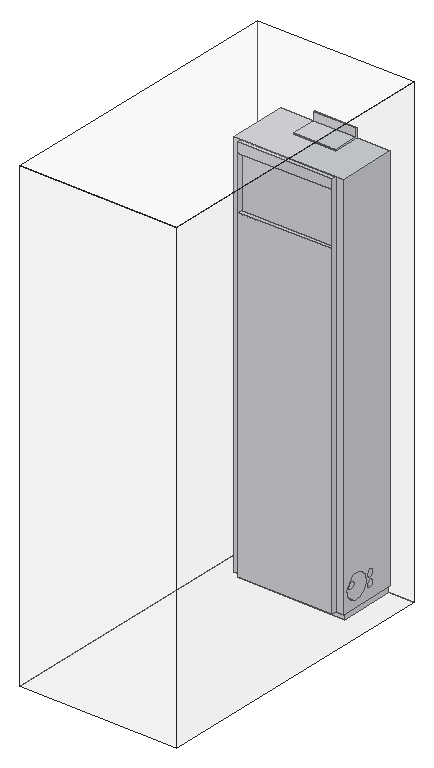
Revit family "ps-rp50160ka20_60hz", category 機械設備, Revit 2019
Family settings
  丸型コネクタ寸法 = 直径を使用
  パーツ タイプ = 標準
  OmniClass 番号 = 23.75.10.24.21.27.27
  OmniClass タイトル = Split System Air Conditioning Units
  作業面ベース = いいえ
  常に垂直 = はい
  ロード時にボイドで切り取り = いいえ
  共有 = いいえ
  部屋計算ポイント = はい
Parameters (values of type "床置_PS-RP50KA20")
  風量_強 (㎥/min) = 14
  風量_弱 (㎥/min) = 12
  風量_中 (㎥/min) = 13
  風量 = MAX風量  # 840.0 m³/h
  音響パワーレベル_弱 (dB) = 52
  音響パワーレベル_中 (dB) = 54
  音響パワーレベル_強 (dB) = 56
  音響パワーレベル(dB) = [音響パワーレベル_強 (dB)]  # 56
  電線用ノックアウト穴Z2 = 90 mm
  電線用ノックアウト穴Z1 = 130 mm
  電線用ノックアウト穴Y = 110 mm
  電源種別 = ""
  電源_H = 0 mm
  電機品箱位置W = 22 mm
  電機品箱位置H = 641 mm
  電機品箱位置D = 170 mm
  電機品箱W = 348 mm
  電機品箱H = 151 mm
  電機品箱D = 61 mm
  電圧 = 0 V
  電動機出力_送風機 = 0.05 kW
  運転質量 = 0.00 kg
  連動 = ""
  転倒防止金具幅 = 180 mm
  質量 = if(製品質量 > 運転質量, 製品質量, 運転質量) * 1.2  # 42.00 kg
  負荷分類 = 3_ファン類
  構成品番 = "PS-RP50KA20"
  吊り位置y_3 = 175 mm
  吊り位置X_3 = 80 mm
  冷媒，ドレン配管用ノックアウト穴正面-Z = 105 mm
  冷媒，ドレン配管用ノックアウト穴正面-X2 = 20 mm
  ドレン管径 (外径) = 26 mm
  【値が 0 の項目は組合せ形名にてご確認ください】 = ""
  MIN風量 = [風量_弱 (㎥/min)] * 60.0 m³/h  # 720.0 m³/h
  MID風量 = [風量_中 (㎥/min)] * 60.0 m³/h  # 780.0 m³/h
  MAX風量 = [風量_強 (㎥/min)] * 60.0 m³/h  # 840.0 m³/h
  吸込口高さ = 585 mm
  吸込口幅 = 405 mm
  吊り位置Y_1 = 55 mm
  吊り位置Y_2 = 145 mm
  吊り位置X_2 = 280 mm
  吊り位置X_1 = 200 mm
  冷媒，ドレン配管用ノックアウト穴側面-Z = 110 mm
  冷媒，ドレン配管用ノックアウト穴側面-Y = 180 mm
  冷媒，ドレン配管用ノックアウト穴正面-X1 = 75 mm
  冷媒液管位置-Z = 550 mm
  冷媒液管位置-Y = 201 mm
  冷媒液管位置-X = 45 mm
  冷媒ガス管位置-Z = 402 mm
  冷媒ガス管位置-Y = 186 mm
  冷媒ガス管位置-X = 78 mm
  吹出口高さ = 230 mm
  吹出口幅 = 400 mm
  ドレン管径-Y = 210 mm
  ドレン管径-X = 25 mm
  ケーブルサイズ = 0 mm
  Width = 470 mm
  URL = "https://www.mitsubishielectric.co.jp/ldg/wink/ssl/top.do"
  Height = 1700 mm
  説明 = "店舗・事務所用パッケージエアコン(Mr.SLIM) 床置形"
  設計暖房能力 = 0.00 kW
  設計冷房能力_顕熱 = 0 kW
  設計冷房能力 = 0 kW
  設置方法 = "床置形"
  記号 = ""
  製造元 = "三菱電機株式会社"
  製品質量 = 35.00 kg
  製品出荷対象 = "国内"
  製品リリース年月 = ""
  製品グループ = ""
  系統 = ""
  符号 = "PAC_FRV"
  積算_科目 = "1 空気調和設備"
  積算_拾い区分 [instance] = ""
  相 = 1
  盤記号 = ""
  発停方法 = "付属スイッチ"
  特殊仕様 = ""
  火災停止 = ""
  消費電力_暖房 = 0.08 kW
  消費電力_冷房 = 0.09 kW
  消費電力 = if(消費電力_冷房 > 消費電力_暖房, 消費電力_冷房, 消費電力_暖房)  # 0.09 kW
  法定耐用年数 = "6"
  極数 = 1
  材質 = ""
  本体マテリアル = none
  有効加湿量 = 0
  暖房能力 = 5.00 kW
  推奨ブレーカー容量 = 0 A
  形式_加湿器 = ""
  形式 = "床置（露出）立形"
  幹線記号 = ""
  始動方式 = "直入"
  呼称 = "室内機_床置（露出）立形（直吹）"
  周波数 = 60 Hz
  台数_手元リモコン = ""
  台数_冷媒分岐ユニット = ""
  参照している仕様書等のバージョン = "公共建築工事標準仕様書（機械設備工事編）平成31年度版"
  加湿給水管径 = 0.00 mm
  分類コード = "5.0053E+13"
  分類グループ = ""
  冷房能力 = 4.5 kW
  冷媒高低圧ガス管径 = 0.00 mm
  冷媒管径符号 = "Ac"
  冷媒管径 = 100.00 mm
  冷媒液管径 = 6.35 mm
  冷媒ガス管径 = 12.70 mm
  企業コード = "108420"
  付属品_フィルター = ""
  付属品 = ""
  仕様書バージョン = "Version1.0"
  Model = ""
  パネルマテリアル = none
  ドレン管径 = 20.00 mm
  サービススペース = yes
  コメント [instance] = ""
  ケーブル種類 = ""
  Version = ""
  Uniclass2015Version = "Systems v1.9"
  Uniclass2015Title = "Split coil remote air cooled condensing units"
  Uniclass2015Code = "Pr_70_65_03_84"
  SpecificationReference = ""
  SpecificationDescription = ""
  Revision = ""
  ProductInformation = ""
  OmniClassCode = "23-33 17 13 11"
  IfcTypeProduct = ""
  IfcProduct = ""
  IfcExportType = "AIRCONDITIONINGUNIT"
  IfcExportAs = "IfcUnitaryEquipmentType"
  Depth = 270 mm
  価格 = 0
  Clearance Top = 300 mm
  Clearance Right = 100 mm
  Clearance Left = 100 mm
  Clearance Front = 1000 mm
  Clearance Bottom = 0 mm
  Clearance Back = 5 mm
  B = 797 mm
  Author = "三菱電機株式会社"
  A = 172.5 mm
Types (8, lengths in mm): name | 風量_強 (㎥/min) | 風量_弱 (㎥/min) | 風量_中 (㎥/min) | 風量 | 音響パワーレベル_弱 (dB) | 音響パワーレベル_中 (dB) | 音響パワーレベル_強 (dB) | 音響パワーレベル(dB) | 電線用ノックアウト穴Z1 | 電線用ノックアウト穴Y | 電機品箱位置H | 電機品箱位置D | 電機品箱W | 電機品箱H | 電機品箱D | 電動機出力_送風機 | 転倒防止金具幅 | 質量 | 構成品番 | 吊り位置y_3 | 吊り位置X_3 | 冷媒，ドレン配管用ノックアウト穴正面-Z | MIN風量 | MID風量 | MAX風量 | 吸込口高さ | 吸込口幅 | 吊り位置Y_1 | 吊り位置Y_2 | 吊り位置X_2 | 吊り位置X_1 | 冷媒，ドレン配管用ノックアウト穴側面-Z | 冷媒，ドレン配管用ノックアウト穴側面-Y | 冷媒，ドレン配管用ノックアウト穴正面-X1 | 冷媒液管位置-Z | 冷媒液管位置-Y | 冷媒液管位置-X | 冷媒ガス管位置-Z | 冷媒ガス管位置-Y | 冷媒ガス管位置-X | 吹出口高さ | 吹出口幅 | ドレン管径-Y | ドレン管径-X | Width | Height | 製品質量 | 消費電力_暖房 | 消費電力_冷房 | 消費電力 | 暖房能力 | 冷房能力 | 冷媒管径符号 | 冷媒液管径 | 冷媒ガス管径 | Depth | B | A
  床置_PS-RP50KA20 | 14 | 12 | 13 | 840.0 m³/h | 52 | 54 | 56 | 56 | 130 | 110 | 641 | 170 | 348 | 151 | 61 | 0.05 kW | 180 | 42.00 kg | "PS-RP50KA20" | 175 | 80 | 105 | 720.0 m³/h | 780.0 m³/h | 840.0 m³/h | 585 | 405 | 55 | 145 | 280 | 200 | 110 | 180 | 75 | 550 | 201 | 45 | 402 | 186 | 78 | 230 | 400 | 210 | 25 | 470 | 1700 | 35.00 kg | 0.08 kW | 0.09 kW | 0.09 kW | 5.00 kW | 4.5 kW | "Ac" | 6.35 | 12.70 | 270 | 797 | 172.5
  床置_PS-RP56KA20 | 14 | 12 | 13 | 840.0 m³/h | 52 | 54 | 56 | 56 | 130 | 110 | 641 | 170 | 348 | 151 | 61 | 0.05 kW | 180 | 42.00 kg | "PS-RP56KA20" | 175 | 80 | 105 | 720.0 m³/h | 780.0 m³/h | 840.0 m³/h | 585 | 405 | 55 | 145 | 280 | 200 | 110 | 180 | 75 | 550 | 201 | 45 | 402 | 186 | 78 | 230 | 400 | 210 | 25 | 470 | 1700 | 35.00 kg | 0.08 kW | 0.09 kW | 0.09 kW | 5.60 kW | 5 kW | "Ac" | 6.35 | 12.70 | 270 | 797 | 172.5
  床置_PS-RP63KA20 | 15 | 13 | 14 | 900.0 m³/h | 52 | 54 | 56 | 56 | 130 | 110 | 641 | 170 | 348 | 151 | 61 | 0.05 kW | 180 | 42.00 kg | "PS-RP63KA20" | 175 | 80 | 105 | 780.0 m³/h | 840.0 m³/h | 900.0 m³/h | 585 | 405 | 55 | 145 | 280 | 200 | 110 | 180 | 75 | 550 | 201 | 45 | 402 | 186 | 78 | 230 | 400 | 210 | 25 | 470 | 1700 | 35.00 kg | 0.08 kW | 0.09 kW | 0.09 kW | 6.30 kW | 5.6 kW | "Ac" | 6.35 | 12.70 | 270 | 797 | 172.5
  床置_PS-RP71KA20 | 15 | 13 | 14 | 900.0 m³/h | 52 | 55 | 57 | 57 | 130 | 110 | 641 | 170 | 348 | 151 | 61 | 0.05 kW | 180 | 42.00 kg | "PS-RP71KA20" | 175 | 80 | 105 | 780.0 m³/h | 840.0 m³/h | 900.0 m³/h | 585 | 405 | 55 | 145 | 280 | 200 | 110 | 180 | 75 | 550 | 201 | 45 | 402 | 186 | 78 | 230 | 400 | 210 | 25 | 470 | 1700 | 35.00 kg | 0.08 kW | 0.09 kW | 0.09 kW | 7.10 kW | 6.3 kW | "Bd" | 9.52 | 15.88 | 270 | 797 | 172.5
  床置_PS-RP80KA20 | 15 | 13 | 14 | 900.0 m³/h | 52 | 55 | 57 | 57 | 130 | 110 | 641 | 170 | 348 | 151 | 61 | 0.05 kW | 180 | 42.00 kg | "PS-RP80KA20" | 175 | 80 | 105 | 780.0 m³/h | 840.0 m³/h | 900.0 m³/h | 585 | 405 | 55 | 145 | 280 | 200 | 110 | 180 | 75 | 550 | 201 | 45 | 402 | 186 | 78 | 230 | 400 | 210 | 25 | 470 | 1700 | 35.00 kg | 0.08 kW | 0.09 kW | 0.09 kW | 8.00 kW | 7.1 kW | "Bd" | 9.52 | 15.88 | 270 | 797 | 172.5
  床置_PS-RP112KA20 | 30 | 24 | 27 | 1800.0 m³/h | 57 | 61 | 63 | 63 | 140 | 190 | 714 | 245 | 461 | 123 | 66 | 0.16 kW | 260 | 58.80 kg | "PS-RP112KA20" | 254 | 99 | 110 | 1440.0 m³/h | 1620.0 m³/h | 1800.0 m³/h | 599 | 524 | 77 | 201 | 277 | 218 | 115 | 260 | 105 | 590 | 261 | 48 | 480 | 261 | 95 | 260 | 520 | 289 | 27 | 600 | 1900 | 49.00 kg | 0.20 kW | 0.21 kW | 0.21 kW | 11.20 kW | 10 kW | "Bd" | 9.52 | 15.88 | 360 | 834 | 181
  床置_PS-RP140KA20 | 30 | 24 | 27 | 1800.0 m³/h | 57 | 61 | 63 | 63 | 140 | 190 | 714 | 245 | 461 | 123 | 66 | 0.16 kW | 260 | 58.80 kg | "PS-RP140KA20" | 254 | 99 | 110 | 1440.0 m³/h | 1620.0 m³/h | 1800.0 m³/h | 599 | 524 | 77 | 201 | 277 | 218 | 115 | 260 | 105 | 590 | 261 | 48 | 480 | 261 | 95 | 260 | 520 | 289 | 27 | 600 | 1900 | 49.00 kg | 0.20 kW | 0.21 kW | 0.21 kW | 14.00 kW | 12.5 kW | "Bd" | 9.52 | 15.88 | 360 | 834 | 181
  床置_PS-RP160KA20 | 30 | 24 | 27 | 1800.0 m³/h | 59 | 62 | 64 | 64 | 140 | 190 | 714 | 245 | 461 | 123 | 66 | 0.16 kW | 260 | 58.80 kg | "PS-RP160KA20" | 254 | 99 | 110 | 1440.0 m³/h | 1620.0 m³/h | 1800.0 m³/h | 599 | 524 | 77 | 201 | 277 | 218 | 115 | 260 | 105 | 590 | 261 | 48 | 480 | 261 | 95 | 260 | 520 | 289 | 27 | 600 | 1900 | 49.00 kg | 0.20 kW | 0.21 kW | 0.21 kW | 16.00 kW | 14 kW | "Bd" | 9.52 | 15.88 | 360 | 834 | 181
Reference planes
  plane 1 "中心(正面/背面)": y = 0
  plane 2: z = 0
  plane 3 "中心(左/右)": x = 0
  plane 4: x = -235
  plane 5: x = 235
  plane 6: z = 1700
  plane 7: z = 30
  plane 8: x = 157
  plane 9: x = 190
  plane 10: x = 210
  plane 11: x = -90
  plane 12: x = 90
  plane 13: z = 550
  plane 14: z = 402
  plane 15: z = 1430
  plane 16: z = 757.5
  plane 17: z = 172.5
  plane 18: x = -202.5
  plane 19: x = 202.5
  plane 20: z = 827
  plane 21: z = 1660
  plane 22: x = -335
  plane 23: x = 335
  plane 24: z = 2000
  plane 25: z = 110
  plane 26 "本体背面": y = 0
  plane 27: y = -250
  plane 28 "Front": y = -270
  plane 29: y = -186
  plane 30: y = -201
  plane 31: y = -210
  plane 32: y = 5
  plane 33: y = -1270
  plane 34: y = -180
  plane 35: y = -110
  plane 36: x = -122.5
  plane 37: x = 122.5
  plane 38: y = -55
  plane 39: y = -200
  plane 40: x = -140
  plane 41: x = 140
  plane 42: x = -100
  plane 43: x = 100
  plane 44: z = 105
  plane 45: x = 160
  plane 46: x = -20
  plane 47: z = 90
  plane 48: z = 130
  plane 49: z = 125
  plane 50: x = -225
  plane 51: y = -175
  plane 52: x = 155
  plane 53: y = -170
  plane 54: y = -231
  plane 55: z = 641
  plane 56: z = 792
  plane 57: x = -213
  plane 58: x = 135
Forms (mm)
  Extrusion 1, solid
    sketch origin (0, -125, 0) x (1, 0, 0) y (0, 1, 0)
      loop
        line (-235, 125) -> (-235, -125) -> (235, -125) -> (235, 125) -> (-235, 125)
    from 30 to 1700
  Extrusion 2, solid, detail levels fine
    sketch origin (0, -125, 0) x (1, 0, 0) y (0, 1, 0)
      loop
        line (-202.5, -145) -> (202.5, -145) -> (202.5, -125) -> (-202.5, -125) -> (-202.5, -145)
    from 30 to 1700
  Extrusion 3, solid, detail levels fine
    sketch origin (0, -125, 0) x (1, 0, 0) y (0, 1, 0)
      loop
        line (-225, -105) -> (225, -105) -> (225, 125) -> (-225, 125) -> (-225, -105)
    from 0 to 30
  Extrusion 4, solid, detail levels fine
    sketch origin (0, -125, 0) x (0, 1, 0) y (0, 0, 1)
      loop
        line (125, 1740) -> (120, 1740) -> (120, 1704.676) -> (14, 1704.676) -> (14, 1700) -> (125, 1700) -> (125, 1740)
    from -90 to 90
  Extrusion 5, solid, detail levels fine
    sketch origin (0, -125, 0) x (1, 0, 0) y (0, 1, 0)
      loop
        circle (157, -61) r 6.35
    from 402 to 827
  Extrusion 6, solid, detail levels fine
    sketch origin (35, -140, 0) x (1, 0, 0) y (0, 1, 0)
      loop
        circle (155, -61) r 3.175
    from 550 to 827
  Extrusion 7, solid, detail levels fine
    sketch origin (0, -125, 0) x (1, 0, 0) y (0, 1, 0)
      loop
        circle (210, -85) r 13
    from 125 to 827
  Extrusion 8, void
    sketch origin (0, -125, 0) x (1, 0, 0) y (0, 0, 1)
      loop
        line (-200, 1660) -> (-200, 1430) -> (200, 1430) -> (200, 1660) -> (-200, 1660)
    from 125 to 145
  Extrusion 9, solid, detail levels fine
    sketch origin (0, -125, 0) x (0, 1, 0) y (0, 0, 1)
      loop
        circle (-55, 110) r 50
    from 225 to 235
  Extrusion 10, solid
    sketch origin (1480.036, -270, 1200) x (1, 0, 0) y (0, 0, -1)
      loop
        circle (-1500.036, 1095) r 50
    from 265 to 270
  Extrusion 11, solid
    sketch origin (1630.036, -270, 1200) x (1, 0, 0) y (0, 0, -1)
      loop
        circle (-1470.036, 1095) r 50
    from 265 to 270
  Extrusion 12, solid, detail levels fine
    sketch origin (0, 0, 0) x (0, 1, 0) y (0, 0, 1)
      loop
        circle (-110, 90) r 13.5
      loop
        circle (-110, 130) r 13.5
    from 225 to 235
  Extrusion 13, solid
    sketch origin (0, 0, 0) x (1, 0, 0) y (0, 1, 0)
      loop
        circle (185, -175) r 13
    from 0 to 1.766
  Extrusion 14, solid
    sketch origin (0, 0, 0) x (0, 1, 0) y (0, 0, 1)
      loop
        circle (-210, 125) r 13
    from 235 to 225
  Extrusion 15, solid
    sketch origin (0, 0, 0) x (0, 1, 0) y (0, 0, 1)
      loop
        circle (-180, 110) r 50
    from -225 to -235
  Extrusion 16, solid
    sketch origin (0, 0, 0) x (0, 1, 0) y (0, 0, 1)
      loop
        circle (-210, 125) r 13
    from -235 to -225
  Extrusion 17, solid
    sketch origin (0, 0, 0) x (1, 0, 0) y (0, 1, 0)
      loop
        circle (155, -175) r 50
    from 0 to 30
  Extrusion 18, solid
    sketch origin (1480.036, -270, 1200) x (1, 0, 0) y (0, 0, -1)
      loop
        circle (-1470.036, 1090) r 13
    from 270 to 265
  Extrusion 19, solid
    sketch origin (1480.036, -270, 1200) x (1, 0, 0) y (0, 0, -1)
      loop
        circle (-1290.036, 1090) r 13
    from 265 to 270
  Extrusion 20, solid, detail levels fine
    sketch origin (0, 0, 0) x (1, 0, 0) y (0, 0, 1)
      loop
        line (-213, 792) -> (-213, 641) -> (135, 641) -> (135, 792) -> (-213, 792)
    from 170 to 231
Cuts and joins
  Extrusion 8 cuts Extrusion 1
  Extrusion 8 cuts Extrusion 2
Lines and regions (mm)
  model lines, detail levels fine
    curve 1: line (-235, -250, 827) -> (-202.5, -250, 827)
    curve 2: line (235, -250, 827) -> (202.5, -250, 827)
    curve 3: line (-202.5, -270, 172.5) -> (202.5, -270, 172.5)
    curve 4: line (-202.5, -270, 757.5) -> (-202.5, -270, 172.5)
    curve 5: line (202.5, -270, 757.5) -> (202.5, -270, 172.5)
    curve 6: line (-202.5, -270, 757.5) -> (202.5, -270, 757.5)
    curve 7: line (-202.5, -270, 189.706) -> (202.5, -270, 189.706)
    curve 8: line (-202.5, -270, 206.912) -> (202.5, -270, 206.912)
    curve 9: line (-202.5, -270, 224.118) -> (202.5, -270, 224.118)
    curve 10: line (-202.5, -270, 241.324) -> (202.5, -270, 241.324)
    curve 11: line (-202.5, -270, 258.529) -> (202.5, -270, 258.529)
    curve 12: line (-202.5, -270, 275.735) -> (202.5, -270, 275.735)
    curve 13: line (-202.5, -270, 292.941) -> (202.5, -270, 292.941)
    curve 14: line (-202.5, -270, 310.147) -> (202.5, -270, 310.147)
    curve 15: line (-202.5, -270, 327.353) -> (202.5, -270, 327.353)
    curve 16: line (-202.5, -270, 344.559) -> (202.5, -270, 344.559)
    curve 17: line (-202.5, -270, 361.765) -> (202.5, -270, 361.765)
    curve 18: line (-202.5, -270, 378.971) -> (202.5, -270, 378.971)
    curve 19: line (-202.5, -270, 396.176) -> (202.5, -270, 396.176)
    curve 20: line (-202.5, -270, 413.382) -> (202.5, -270, 413.382)
    curve 21: line (-202.5, -270, 430.588) -> (202.5, -270, 430.588)
    curve 22: line (-202.5, -270, 447.794) -> (202.5, -270, 447.794)
    curve 23: line (-202.5, -270, 465) -> (202.5, -270, 465)
    curve 24: line (-202.5, -270, 482.206) -> (202.5, -270, 482.206)
    curve 25: line (-202.5, -270, 499.412) -> (202.5, -270, 499.412)
    curve 26: line (-202.5, -270, 516.618) -> (202.5, -270, 516.618)
    curve 27: line (-202.5, -270, 533.824) -> (202.5, -270, 533.824)
    curve 28: line (-202.5, -270, 551.029) -> (202.5, -270, 551.029)
    curve 29: line (-202.5, -270, 568.235) -> (202.5, -270, 568.235)
    curve 30: line (-202.5, -270, 585.441) -> (202.5, -270, 585.441)
    curve 31: line (-202.5, -270, 602.647) -> (202.5, -270, 602.647)
    curve 32: line (-202.5, -270, 619.853) -> (202.5, -270, 619.853)
    curve 33: line (-202.5, -270, 637.059) -> (202.5, -270, 637.059)
    curve 34: line (-202.5, -270, 654.265) -> (202.5, -270, 654.265)
    curve 35: line (-202.5, -270, 671.471) -> (202.5, -270, 671.471)
    curve 36: line (-202.5, -270, 688.676) -> (202.5, -270, 688.676)
    curve 37: line (-202.5, -270, 705.882) -> (202.5, -270, 705.882)
    curve 38: line (-202.5, -270, 723.088) -> (202.5, -270, 723.088)
    curve 39: line (-202.5, -270, 740.294) -> (202.5, -270, 740.294)
    curve 40: line (200, -270, 1660) -> (200, -270, 1430)
    curve 41: line (-200, -270, 1430) -> (200, -270, 1430)
    curve 42: line (-60, -270, 1326) -> (60, -270, 1326)
    curve 43: line (-60, -270, 1206) -> (-60, -270, 1326)
    curve 44: line (60, -270, 1206) -> (-60, -270, 1206)
    curve 45: line (60, -270, 1326) -> (60, -270, 1206)
    curve 46: line (-200, -270, 1430) -> (200, -270, 1430)
    curve 47: line (-200, -270, 1660) -> (-200, -270, 1430)
    curve 48: line (-200, -270, 1660) -> (200, -270, 1660)
    curve 49: line (-200, -270, 1462.857) -> (200, -270, 1462.857)
    curve 50: line (-200, -270, 1495.714) -> (200, -270, 1495.714)
    curve 51: line (-200, -270, 1528.571) -> (200, -270, 1528.571)
    curve 52: line (-200, -270, 1561.429) -> (200, -270, 1561.429)
    curve 53: line (-200, -270, 1594.286) -> (200, -270, 1594.286)
    curve 54: line (-200, -270, 1627.143) -> (200, -270, 1627.143)
    curve 55: line (200, -270, 1660) -> (200, -270, 1430)
    curve 56: line (-142.857, -270, 1660) -> (-142.857, -270, 1430)
    curve 57: line (-85.714, -270, 1660) -> (-85.714, -270, 1430)
    curve 58: line (-28.571, -270, 1660) -> (-28.571, -270, 1430)
    curve 59: line (28.571, -270, 1660) -> (28.571, -270, 1430)
    curve 60: line (85.714, -270, 1660) -> (85.714, -270, 1430)
    curve 61: line (142.857, -270, 1660) -> (142.857, -270, 1430)
    curve 62: line (-202.5, -270, 827) -> (-94.055, -270, 827)
    curve 63: line (202.5, -270, 827) -> (94.055, -270, 827)
    curve 64: arc (-94.055, -270, 827) -> (-84.472, -270, 826.073) -> (-75.244, -270, 823.326) r 50
    curve 65: arc (75.244, -270, 823.326) -> (84.472, -270, 826.073) -> (94.055, -270, 827) r 50
    curve 66: arc (-75.244, -270, 823.326) -> (0, -270, 808.632) -> (75.244, -270, 823.326) r 200
Dimensions and locks
  equal spacing: plane 4, plane 3 "中心(左/右)", plane 5
  "Width": plane 4 to plane 5
  "Height": plane 6 to plane 2
  plane 7 to level = 30 mm
  equal spacing: plane 11, plane 3 "中心(左/右)", plane 12
  "転倒防止金具幅": plane 11 to plane 12
  "冷媒液管位置-Z": plane 13 to plane 2
  "冷媒ガス管位置-Z": plane 14 to plane 2
  "A": plane 17 to plane 2
  "吸込口高さ": plane 16 to plane 17
  "B": plane 20 to plane 7
  locked: plane 6 to plane 21 at 40
  "吹出口高さ": plane 21 to plane 15
  equal spacing: plane 19, plane 3 "中心(左/右)", plane 18
  "吸込口幅": plane 19 to plane 18
  plane 12 to plane 11 = 180 mm
  plane 5 to plane 4 = 470 mm
  "Clearance Left": plane 22 to plane 4
  "Clearance Top": plane 24 to plane 6
  "冷媒，ドレン配管用ノックアウト穴側面-Z": plane 25 to plane 2
  plane 27 to plane 28 "Front" = 20 mm
  locked: Extrusion 3 sketch curve to plane 5 at 10
  locked: Extrusion 3 sketch curve to plane 27 at 20
  "冷媒ガス管位置-Y": plane 29 to plane 26 "本体背面"
  "冷媒液管位置-Y": plane 30 to plane 26 "本体背面"
  "ドレン管径-Y": plane 31 to plane 26 "本体背面"
  locked: Extrusion 4 sketch curve to Extrusion 4 sketch curve at 5
  locked: Extrusion 4 sketch curve to Extrusion 4 sketch curve at 111
  "冷媒ガス管位置-X": plane 8 to plane 5
  "冷媒液管位置-X": plane 9 to plane 5
  "ドレン管径-X": plane 10 to plane 5
  equal spacing: Extrusion 8 sketch curve, plane 3 "中心(左/右)", Extrusion 8 sketch curve
  "吹出口幅": Extrusion 8 sketch curve to Extrusion 8 sketch curve
  "Clearance Front": plane 28 "Front" to plane 33
  "Clearance Back": plane 26 "本体背面" to plane 32
  "Clearance Right": plane 5 to plane 23
  locked: Extrusion 9 to plane 5 at 10
  equal spacing: curve 6, curve 39, curve 38, curve 37, curve 36, curve 35, curve 34, curve 33, curve 32, curve 31, curve 30, curve 29, curve 28, curve 27, curve 26, curve 25, curve 24, curve 23, curve 22, curve 21, curve 20, curve 19, curve 18, curve 17, curve 16, curve 15, curve 14, curve 13, curve 12, curve 11, curve 10, curve 9, curve 8, curve 7, curve 3
  cut or joined group of Extrusion 2, Extrusion 8 to cut or joined group of Extrusion 2, Extrusion 8 = 400 mm
  locked: curve 42 to curve 44 at 120
  locked: curve 45 to curve 43 at 120
  equal spacing: cut or joined group of Extrusion 2, Extrusion 8, curve 54, curve 53, curve 52, curve 51, curve 50, curve 49, cut or joined group of Extrusion 2, Extrusion 8
  "Clearance Bottom": plane 2 to nested 1
  locked: plane 15 to curve 42 at 104
  "電線用ノックアウト穴Y": plane 26 "本体背面" to plane 35
  "冷媒，ドレン配管用ノックアウト穴側面-Y": plane 26 "本体背面" to plane 34
  equal spacing: curve 45, plane 3 "中心(左/右)", curve 43
  equal spacing: cut or joined group of Extrusion 2, Extrusion 8, curve 56, curve 57, curve 58, curve 59, curve 60, curve 61, cut or joined group of Extrusion 2, Extrusion 8
  "吊り位置Y_1": plane 38 to plane 26 "本体背面"
  "吊り位置Y_2": plane 38 to plane 39
  equal spacing: plane 40, plane 3 "中心(左/右)", plane 41
  "吊り位置X_2": plane 40 to plane 41
  equal spacing: plane 42, plane 3 "中心(左/右)", plane 43
  "吊り位置X_1": plane 42 to plane 43
  "冷媒，ドレン配管用ノックアウト穴正面-X1": plane 45 to plane 5
  "冷媒，ドレン配管用ノックアウト穴正面-X2": plane 3 "中心(左/右)" to plane 46
  "電線用ノックアウト穴Z2": plane 47 to level
  "電線用ノックアウト穴Z1": plane 48 to plane 2
  locked: Extrusion 11 to cut or joined group of Extrusion 1, Extrusion 8 at 5
  locked: Extrusion 10 to cut or joined group of Extrusion 1, Extrusion 8 at 5
  "冷媒，ドレン配管用ノックアウト穴正面-Z": plane 2 to plane 44
  plane 8 to plane 9 = 33 mm
  "Depth": plane 26 "本体背面" to plane 28 "Front"
  plane 49 to level = 125 mm
  plane 50 to plane 4 = 10 mm
  "吊り位置y_3": plane 26 "本体背面" to plane 51
  "吊り位置X_3": plane 52 to plane 5
  Extrusion 18 sketch curve to plane 46 = 30 mm
  plane 45 to Extrusion 19 sketch curve = 30 mm
  plane 52 to Extrusion 13 sketch curve = 30 mm
  "電機品箱位置D": plane 53 to plane 26 "本体背面"
  "電機品箱D": plane 54 to plane 53
  "電機品箱位置H": plane 55 to plane 2
  "電機品箱H": plane 56 to plane 55
  "電機品箱位置W": plane 57 to plane 4
  "電機品箱W": plane 58 to plane 57
  "冷媒ガス管径": diameter of Extrusion 5 sketch curve
  "冷媒液管径": diameter of Extrusion 6 sketch curve
  "ドレン管径 (外径)": diameter of Extrusion 7 sketch curve
  "冷媒管径": diameter of Extrusion 9 sketch curve
  "冷媒管径": diameter of Extrusion 10 sketch curve
  "冷媒管径": diameter of Extrusion 11 sketch curve
  radius of curve 66 = 200 mm
  "ドレン管径 (外径)": diameter of Extrusion 13 sketch curve
  "ドレン管径 (外径)": diameter of Extrusion 14 sketch curve
  "冷媒管径": diameter of Extrusion 17 sketch curve
  "ドレン管径 (外径)": diameter of Extrusion 18 sketch curve
  "ドレン管径 (外径)": diameter of Extrusion 19 sketch curve
  aligned and locked: level to plane 2
  aligned and locked: plane 26 "本体背面" to Extrusion 1 sketch curve
  aligned and locked: plane 27 to Extrusion 1 sketch curve
  aligned and locked: plane 5 to Extrusion 1 sketch curve
  aligned and locked: plane 27 to Extrusion 2 sketch curve
  aligned and locked: Extrusion 2 sketch curve to plane 28 "Front"
  aligned and locked: Extrusion 3 sketch curve to plane 26 "本体背面"
  aligned and locked: plane 8 to Extrusion 5 sketch curve
  aligned and locked: plane 29 to Extrusion 5 sketch curve
  aligned and locked: plane 9 to Extrusion 6 sketch curve
  aligned and locked: plane 30 to Extrusion 6 sketch curve
  aligned and locked: plane 10 to Extrusion 7 sketch curve
  aligned and locked: plane 31 to Extrusion 7 sketch curve
  aligned and locked: Extrusion 7 to Extrusion 5
  aligned and locked: Extrusion 6 to Extrusion 5
  aligned and locked: Extrusion 8 to plane 28 "Front"
  aligned and locked: plane 27 to Extrusion 8
  aligned and locked: plane 32 to nested 1
  aligned and locked: nested 1 to plane 33
  aligned and locked: plane 34 to Extrusion 9 sketch curve
  aligned and locked: Extrusion 9 to plane 5
  aligned and locked: Extrusion 9 to Extrusion 3
  aligned and locked: nested 1 to plane 23
  aligned and locked: plane 23 to nested 1
  aligned and locked: plane 1 "中心(正面/背面)" to plane 26 "本体背面"
  aligned and locked: plane 24 to nested 1
  aligned and locked: plane 6 to cut or joined group of Extrusion 2, Extrusion 8
  aligned and locked: plane 6 to cut or joined group of Extrusion 1, Extrusion 8
  aligned and locked: Extrusion 4 to plane 6
  aligned and locked: plane 21 to cut or joined group of Extrusion 2, Extrusion 8
  aligned and locked: cut or joined group of Extrusion 2, Extrusion 8 to plane 15
  aligned and locked: cut or joined group of Extrusion 2, Extrusion 8 to plane 18
  aligned and locked: plane 19 to curve 5
  aligned and locked: plane 19 to curve 2
  aligned and locked: plane 18 to curve 1
  aligned and locked: Extrusion 5 to plane 14
  aligned and locked: Extrusion 6 to plane 13
  aligned and locked: curve 4 to plane 18
  aligned and locked: cut or joined group of Extrusion 2, Extrusion 8 to plane 19
  aligned and locked: plane 18 to cut or joined group of Extrusion 2, Extrusion 8
  aligned and locked: curve 55 to cut or joined group of Extrusion 2, Extrusion 8
  aligned and locked: curve 47 to cut or joined group of Extrusion 2, Extrusion 8
  aligned and locked: curve 48 to plane 21
  aligned and locked: curve 46 to plane 15
  aligned and locked: plane 18 to curve 62
  aligned and locked: curve 62 to plane 20
  aligned and locked: plane 19 to curve 63
  aligned and locked: plane 20 to curve 63
  aligned and locked: plane 20 to curve 65
  aligned and locked: plane 22 to nested 1
  aligned and locked: Extrusion 1 to plane 4
  aligned and locked: cut or joined group of Extrusion 1, Extrusion 8 to plane 5
  aligned and locked: nested 1 to plane 24
  aligned and locked: cut or joined group of Extrusion 1, Extrusion 8 to plane 6
  aligned and locked: nested 2 to plane 38
  aligned and locked: nested 2 to plane 39  (x2)
  aligned and locked: plane 3 "中心(左/右)" to nested 2
  aligned and locked: nested 2 to plane 40
  aligned and locked: plane 41 to nested 2
  aligned and locked: plane 38 to nested 2
  aligned and locked: nested 2 to plane 41
  aligned and locked: plane 40 to nested 2
  aligned and locked: plane 46 to Extrusion 10 sketch curve
  aligned and locked: plane 44 to Extrusion 10 sketch curve
  aligned and locked: plane 45 to Extrusion 11 sketch curve
  aligned and locked: plane 44 to Extrusion 11 sketch curve
  aligned and locked: Extrusion 11 to plane 1 "中心(正面/背面)"
  aligned and locked: Extrusion 10 to plane 1 "中心(正面/背面)"
  aligned and locked: Extrusion 4 to Extrusion 10
  aligned and locked: level to nested 1  (x2)
  aligned and locked: plane 48 to Extrusion 12 sketch curve
  aligned and locked: plane 47 to Extrusion 12 sketch curve
  aligned and locked: Extrusion 12 to plane 5
  aligned and locked: Extrusion 12 to Extrusion 3
  aligned and locked: Extrusion 7 to plane 49
  aligned and locked: plane 31 to Extrusion 14 sketch curve
  aligned and locked: plane 49 to Extrusion 14 sketch curve
  aligned and locked: Extrusion 14 to plane 5
  aligned and locked: Extrusion 9 to Extrusion 14
  aligned and locked: Extrusion 15 sketch curve to Extrusion 9
  aligned and locked: Extrusion 15 to plane 4
  aligned and locked: Extrusion 3 to Extrusion 15
  aligned and locked: Extrusion 16 sketch curve to Extrusion 14
  aligned and locked: Extrusion 16 to plane 4
  aligned and locked: Extrusion 3 to Extrusion 16
  aligned and locked: plane 52 to Extrusion 17 sketch curve
  aligned and locked: plane 51 to Extrusion 17 sketch curve
  aligned and locked: plane 25 to Extrusion 18 sketch curve
  aligned and locked: plane 25 to Extrusion 19 sketch curve
  aligned and locked: Extrusion 18 to plane 1 "中心(正面/背面)"
  aligned and locked: Extrusion 10 to Extrusion 18
  aligned and locked: Extrusion 19 to plane 1 "中心(正面/背面)"
  aligned and locked: Extrusion 10 to Extrusion 19
  aligned and locked: plane 51 to Extrusion 13 sketch curve
  aligned and locked: plane 58 to Extrusion 20
  aligned and locked: Extrusion 20 to plane 57
  aligned and locked: Extrusion 20 to plane 55
  aligned and locked: plane 56 to Extrusion 20
  aligned and locked: Extrusion 20 to plane 53
  aligned and locked: plane 54 to Extrusion 20
Automatic sketch dimensions
  Extrusion 1 sketch curve to plane 4 = 0 mm
  Extrusion 2 sketch curve to plane 18 = 0 mm
  Extrusion 2 sketch curve to plane 19 = 0 mm
  plane 4 to Extrusion 3 sketch curve = 10 mm
  Extrusion 4 sketch curve to plane 6 = 0 mm
  plane 1 "中心(正面/背面)" to Extrusion 4 sketch curve = 0 mm
  plane 6 to Extrusion 4 sketch curve = 4.676 mm
  Extrusion 4 sketch curve to Extrusion 4 sketch curve = 35.324 mm
  curve 1 to plane 4 = 0 mm
  plane 5 to curve 2 = 0 mm
  curve 1 to plane 20 = 0 mm
  curve 2 to plane 20 = 0 mm
  curve 3 to plane 17 = 0 mm
  curve 3 to plane 18 = 0 mm
  curve 66 to plane 3 "中心(左/右)" = 0 mm
  curve 6 to plane 16 = 0 mm
  plane 11 to curve 62 = 4.055 mm
  plane 12 to curve 63 = 4.055 mm
  curve 65 to plane 16 = 19.5 mm
  curve 64 to plane 16 = 19.5 mm
  curve 66 to curve 64 = 0 mm
  Extrusion 12 sketch curve to plane 35 = 0 mm  (x2)
  Extrusion 20 sketch curve to plane 55 = 0 mm
  Extrusion 20 sketch curve to plane 57 = 0 mm
  Extrusion 20 sketch curve to plane 58 = 0 mm
  plane 16 to Extrusion 20 sketch curve = 34.5 mm
  Extrusion 8 sketch curve to plane 15 = 0 mm
  Extrusion 8 sketch curve to plane 21 = 0 mm
  Extrusion 9 sketch curve to plane 25 = 0 mm
  radius of Extrusion 12 sketch curve = 13.5 mm  (x2)
Nested families
  nested 1: "サービススペース" at (0, -632.5, 1000), visible <- "サービススペース", type "サービススペース"
    with Width 670 mm, Height 2000 mm, Depth 1275 mm
  nested 2: "固定点" at (0, -200, 0), W2 <- "吊り位置X_2", D <- "吊り位置Y_2", W1 <- "吊り位置X_1", type "固定点"
    with W2 280 mm, W1 200 mm, D 145 mm
Connectors
  piping at (235, -180, 110), diameter 100, driven by "冷媒管径", driven by "冷媒管径符号"
    settings: on Extrusion 9, index 6, connector inside diameter 609.60 mm, connector length 0 mm, flow factor 0, pipe flow 0.0 L/s, pressure drop 0.0 Pa, fitting loss kfactor 0, connector angle 0.00°, fixture units 0, engagement length 0 mm, angle of deflection 0.00°, flow configuration 1, flow direction 1, fitting loss method 4, system type 7, joint type 0, gender type 0, connector reference index -1, connector utility 0, adjustable connector no, is connector primary yes, connector description "Ac"
  piping at (160, 0, 105), diameter 100, driven by "冷媒管径", driven by "冷媒管径符号"
    settings: on Extrusion 11, index 8, connector inside diameter 609.60 mm, connector length 0 mm, flow factor 0, pipe flow 0.0 L/s, pressure drop 0.0 Pa, fitting loss kfactor 0, connector angle 0.00°, fixture units 0, engagement length 0 mm, angle of deflection 0.00°, flow configuration 1, flow direction 1, fitting loss method 4, system type 7, joint type 0, gender type 0, connector reference index -1, connector utility 0, adjustable connector no, is connector primary no, connector description "Ac"
  piping at (-20, 0, 105), diameter 100, driven by "冷媒管径", driven by "冷媒管径符号"
    settings: on Extrusion 10, index 9, connector inside diameter 609.60 mm, connector length 0 mm, flow factor 0, pipe flow 0.0 L/s, pressure drop 0.0 Pa, fitting loss kfactor 0, connector angle 0.00°, fixture units 0, engagement length 0 mm, angle of deflection 0.00°, flow configuration 1, flow direction 1, fitting loss method 4, system type 7, joint type 0, gender type 0, connector reference index -1, connector utility 0, adjustable connector no, is connector primary no, connector description "Ac"
  piping at (185, -175, 0), diameter 20, driven by "ドレン管径"
    settings: on Extrusion 13, index 11, connector inside diameter 609.60 mm, connector length 0 mm, flow factor 0, pipe flow 0.0 L/s, pressure drop 0.0 Pa, fitting loss kfactor 0, connector angle 0.00°, fixture units 0, engagement length 0 mm, angle of deflection 0.00°, flow configuration 1, flow direction 2, fitting loss method 4, system type 16, joint type 0, gender type 0, connector reference index -1, connector utility 0, adjustable connector no, is connector primary no, connector description ""
  piping at (235, -210, 125), diameter 20, driven by "ドレン管径"
    settings: on Extrusion 14, index 12, connector inside diameter 609.60 mm, connector length 0 mm, flow factor 0, pipe flow 0.0 L/s, pressure drop 0.0 Pa, fitting loss kfactor 0, connector angle 0.00°, fixture units 0, engagement length 0 mm, angle of deflection 0.00°, flow configuration 1, flow direction 2, fitting loss method 4, system type 16, joint type 0, gender type 0, connector reference index -1, connector utility 0, adjustable connector no, is connector primary no, connector description ""
  piping at (-235, -180, 110), diameter 100, driven by "冷媒管径", driven by "冷媒管径符号"
    settings: on Extrusion 15, index 13, connector inside diameter 609.60 mm, connector length 0 mm, flow factor 0, pipe flow 0.0 L/s, pressure drop 0.0 Pa, fitting loss kfactor 0, connector angle 0.00°, fixture units 0, engagement length 0 mm, angle of deflection 0.00°, flow configuration 1, flow direction 1, fitting loss method 4, system type 7, joint type 0, gender type 0, connector reference index -1, connector utility 0, adjustable connector no, is connector primary no, connector description "Ac"
  piping at (-235, -210, 125), diameter 20, driven by "ドレン管径"
    settings: on Extrusion 16, index 14, connector inside diameter 609.60 mm, connector length 0 mm, flow factor 0, pipe flow 0.0 L/s, pressure drop 0.0 Pa, fitting loss kfactor 0, connector angle 0.00°, fixture units 0, engagement length 0 mm, angle of deflection 0.00°, flow configuration 2, flow direction 2, fitting loss method 4, system type 16, joint type 0, gender type 0, connector reference index -1, connector utility 0, adjustable connector no, is connector primary no, connector description ""
  piping at (155, -175, 0), diameter 100, driven by "冷媒管径", driven by "冷媒管径符号"
    settings: on Extrusion 17, index 15, connector inside diameter 609.60 mm, connector length 0 mm, flow factor 0, pipe flow 0.0 L/s, pressure drop 0.0 Pa, fitting loss kfactor 0, connector angle 0.00°, fixture units 0, engagement length 0 mm, angle of deflection 0.00°, flow configuration 1, flow direction 1, fitting loss method 4, system type 7, joint type 0, gender type 0, connector reference index -1, connector utility 0, adjustable connector no, is connector primary no, connector description "Ac"
  piping at (190, 0, 110), diameter 20, driven by "ドレン管径"
    settings: on Extrusion 19, index 16, connector inside diameter 609.60 mm, connector length 0 mm, flow factor 0, pipe flow 0.0 L/s, pressure drop 0.0 Pa, fitting loss kfactor 0, connector angle 0.00°, fixture units 0, engagement length 0 mm, angle of deflection 0.00°, flow configuration 1, flow direction 2, fitting loss method 4, system type 16, joint type 0, gender type 0, connector reference index -1, connector utility 0, adjustable connector no, is connector primary no, connector description ""
  piping at (10, 0, 110), diameter 20, driven by "ドレン管径"
    settings: on Extrusion 18, index 17, connector inside diameter 609.60 mm, connector length 0 mm, flow factor 0, pipe flow 0.0 L/s, pressure drop 0.0 Pa, fitting loss kfactor 0, connector angle 0.00°, fixture units 0, engagement length 0 mm, angle of deflection 0.00°, flow configuration 1, flow direction 2, fitting loss method 4, system type 16, joint type 0, gender type 0, connector reference index -1, connector utility 0, adjustable connector no, is connector primary no, connector description ""
  electrical at (-39, -231, 716.5), driven by "極数", driven by "負荷分類", driven by "電圧", driven by "消費電力"
    settings: on Extrusion 20, index 18, voltage 0 V, apparent load 90 VA, apparent load phase1 0 VA, apparent load phase2 0 VA, apparent load phase3 0 VA, power factor 1, load classification "3_ファン類", number of poles 1, system type 30, power factor state 1, is connector primary yes, connector utility no, sub classification motor no, connector description ""
Definition of nested family "サービススペース"
  Parameters (values of type "サービススペース")
    Width [instance] = 500 mm
    Height [instance] = 500 mm
    Depth [instance] = 500 mm
  Reference planes
    plane 1 "中心(正面/背面)": y = 0
    plane 2: z = 0
    plane 3 "中心(左/右)": x = 0
    plane 4: y = -250
    plane 5: x = 250
    plane 6: y = 250
    plane 7: x = -250
    plane 8: z = 250
    plane 9: z = -250
  Forms (mm)
    Extrusion 1, solid
      sketch origin (-638.939, 0, 72.39) x (1, 0, 0) y (0, 1, 0)
        loop
          line (388.939, 250) -> (388.939, -250) -> (888.939, -250) -> (888.939, 250) -> (388.939, 250)
      from -322.39 to 177.61
  Lines and regions (mm)
    symbolic lines
      curve 1: line (-250, 0, 250) -> (250, 0, 250)
      curve 2: line (-250, 0, -250) -> (-250, 0, 250)
      curve 3: line (250, 0, -250) -> (-250, 0, -250)
      curve 4: line (250, 0, 250) -> (250, 0, -250)
      curve 5: line (0, -250, 250) -> (0, 250, 250)
      curve 6: line (0, -250, -250) -> (0, -250, 250)
      curve 7: line (0, 250, -250) -> (0, -250, -250)
      curve 8: line (0, 250, 250) -> (0, 250, -250)
      curve 9: line (-250, 250, 0) -> (250, 250, 0)
      curve 10: line (-250, -250, 0) -> (-250, 250, 0)
      curve 11: line (250, -250, 0) -> (-250, -250, 0)
      curve 12: line (250, 250, 0) -> (250, -250, 0)
  Dimensions and locks
    equal spacing: plane 7, plane 3 "中心(左/右)", plane 5
    equal spacing: plane 4, plane 1 "中心(正面/背面)", plane 6
    "Depth": plane 4 to plane 6
    "Width": plane 7 to plane 5
    equal spacing: plane 8, plane 2, plane 9
    "Height": plane 8 to plane 9
    aligned and locked: plane 9 to curve 3
    aligned and locked: plane 7 to curve 2
    aligned and locked: curve 4 to plane 5
    aligned and locked: plane 5 to Extrusion 1
    aligned and locked: Extrusion 1 to plane 7
    aligned and locked: Extrusion 1 to plane 9
    aligned and locked: plane 8 to Extrusion 1
    aligned and locked: plane 9 to curve 7
  Automatic sketch dimensions
    plane 4 to Extrusion 1 sketch curve = 0 mm
    Extrusion 1 sketch curve to plane 7 = 0 mm
    Extrusion 1 sketch curve to plane 5 = 0 mm
    plane 6 to Extrusion 1 sketch curve = 0 mm
    curve 2 to plane 8 = 0 mm
    plane 4 to curve 11 = 0 mm
    curve 11 to plane 7 = 0 mm
    curve 11 to plane 5 = 0 mm
    plane 6 to curve 10 = 0 mm
    curve 7 to plane 4 = 0 mm
    curve 7 to plane 6 = 0 mm
    curve 6 to plane 8 = 0 mm
Definition of nested family "固定点"
  Parameters (values of type "固定点")
    中心円 = 20 mm
    W2 [instance] = 277 mm
    W1 [instance] = 200 mm
    D [instance] = 210 mm
  Reference planes
    plane 1 "中心(正面/背面)": y = 0
    plane 2: z = 0
    plane 3 "中心(左/右)": x = 0
    plane 4: x = 138.5
    plane 5: y = 210
    plane 6: x = -100
    plane 7: x = -138.5
    plane 8: x = 100
    plane 9: x = 338.5
    plane 10: x = -338.5
    plane 11: y = -200
    plane 12: y = 420
  Lines and regions (mm)
    symbolic lines, detail levels fine
      curve 1: line (-338.5, 210, 0) -> (338.5, 210, 0)
      curve 2: line (-338.5, 0, 0) -> (338.5, 0, 0)
      curve 3: line (138.5, 420, 0) -> (138.5, -200, 0)
      curve 4: line (-100, 420, 0) -> (-100, -200, 0)
      curve 5: line (100, 420, 0) -> (100, -200, 0)
      curve 6: line (-138.5, 420, 0) -> (-138.5, -200, 0)
    model lines, detail levels fine
      curve 7: circle (-100, 0, 0) r 10 normal (0, 0, 1)
      curve 8: circle (100, 0, 0) r 10 normal (0, 0, 1)
      curve 9: circle (138.5, 210, 0) r 10 normal (0, 0, 1)
      curve 10: circle (-138.5, 210, 0) r 10 normal (0, 0, 1)
  Dimensions and locks
    "D": plane 1 "中心(正面/背面)" to plane 5
    equal spacing: plane 6, plane 3 "中心(左/右)", plane 8
    "W1": plane 6 to plane 8
    equal spacing: plane 7, plane 3 "中心(左/右)", plane 4
    "W2": plane 7 to plane 4
    locked: plane 11 to plane 1 "中心(正面/背面)" at 200
    locked: plane 10 to plane 7 at 200
    locked: plane 12 to plane 5 at 210
    locked: plane 4 to plane 9 at 200
    "中心円": diameter of curve 7
    "中心円": diameter of curve 8
    "中心円": diameter of curve 9
    "中心円": diameter of curve 10
    aligned and locked: level to plane 2
    aligned and locked: plane 1 "中心(正面/背面)" to curve 2
    aligned and locked: curve 3 to plane 4
    aligned and locked: curve 4 to plane 6
    aligned and locked: curve 6 to plane 7
    aligned and locked: curve 5 to plane 8
    aligned and locked: curve 1 to plane 5
    aligned and locked: plane 9 to curve 1
    aligned and locked: plane 9 to curve 2
    aligned and locked: plane 10 to curve 2
    aligned and locked: plane 11 to curve 3
    aligned and locked: plane 11 to curve 5
    aligned and locked: plane 11 to curve 4
    aligned and locked: plane 11 to curve 6
    aligned and locked: plane 12 to curve 3
    aligned and locked: plane 12 to curve 5
    aligned and locked: plane 12 to curve 4
    aligned and locked: plane 12 to curve 6
    aligned and locked: plane 10 to curve 1
    aligned and locked: plane 6 to curve 7
    aligned and locked: plane 1 "中心(正面/背面)" to curve 7
    aligned and locked: plane 8 to curve 8
    aligned and locked: plane 1 "中心(正面/背面)" to curve 8
    aligned and locked: plane 5 to curve 9
    aligned and locked: plane 4 to curve 9
    aligned and locked: plane 7 to curve 10
    aligned and locked: plane 5 to curve 10
